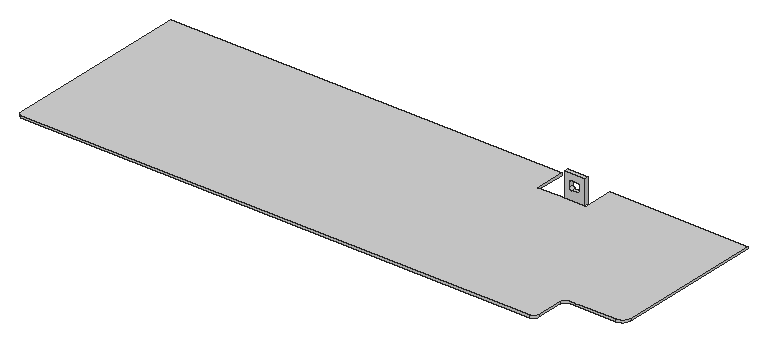
Revit family "NXPBAR", category Communication Devices, host Face, Revit 2014
Parameters
  Warranty = "5-Years Warranty"  # constant formula
  Type Comments = "Lighting Control Panel Relay Channel Barrier"  # constant formula
  Product Page URL = "https://www.hubbell.com/hubbellcontrolsolutions/en/Products/Lighting-Controls/Lighting-Controls-Sensors/NX-Distributed-Intelligence-Lighting-Controls/NX-Panel-Relay-Channel-Barrier/p/2644866"
  Product Documentation Link = "https://hubbellcdn.com/specsheet/NXPBAR_Spec%20Sheet.pdf"
  URL = "https://www.hubbell.com/hubbellcontrolsolutions/en"
  Model = "Lighting Control Panel Relay Channel Barrier"  # constant formula
  Manufacturer = "Hubbell Control Solutions"  # constant formula
  Material = Plastic - Hubbell - Gray
  Features = "Field installed\r\n• Code gauge steel construction\r\n• Installs between any two relays\r\n• Complies with emergency circuit requirements\r\n• Universal fit, left or right side of NX Lighting Control panel\r\n• Five year limited warranty"
  Description = "The Hubbell Control Solutions NX Relay Channel Barrier provides\r\na code gauge steel separation between any two relays in the NX\r\nlighting control panel. This facilitates the code required isolation\r\nof relays controlling emergency circuits from relays controlling\r\nnormal lighting circuits. The NXPBAR can be used to section\r\noff part of a high voltage relay channel in a NX panel for other\r\nrequirements as well. The optional barriers are ordered separately\r\nin pairs for field installation."  # constant formula
  Default Elevation = 48.0000"
  Create Date = "10/23/2018"
  Copyright = "Copyright © 2018 Hubbell Control Solutions"  # constant formula
  Contact Us = "https://www.hubbell.com/hubbellcontrolsolutions/en/contactUs?productId=2644866"
  Assembly Code = "D5090"
Reference planes (in)
  plane 1 "Center (Front/Back)": y = 13.01342
  plane 2: z = 0
  plane 3 "Center (Left/Right)": x = 0
  plane 4: z = 1
  plane 5: y = 12.01342
  plane 6: y = 14.01342
  plane 7: x = 3
  plane 8: x = -3
Forms (in)
  Extrusion 1, solid, material "Plastic - Hubbell - Gray" <- "Material"
    sketch origin (0, 0, 0) x (1, 0, 0) y (0, 1, 0)
      loop
        line (-3, 14.01342) -> (-3, 12.05497) -> (-2.95845, 12.01342) -> (2.32489, 12.01342)
        arc (2.32489, 12.01342) -> (2.36469, 12.0299) -> (2.38117, 12.0697) r 0.05628
        line (2.38117, 12.0697) -> (2.38117, 12.3403)
        arc (2.38117, 12.3403) -> (2.399, 12.38334) -> (2.44204, 12.40117) r 0.06087
        line (2.44204, 12.40117) -> (2.9131, 12.40117)
        arc (2.9131, 12.40117) -> (2.97455, 12.42662) -> (3, 12.48807) r 0.0869
        line (3, 12.48807) -> (3, 14.01342) -> (1.55755, 14.01342) -> (1.55755, 13.708) -> (1.05755, 13.708) -> (1.05755, 14.01342) -> (-3, 14.01342)
    from 0.02 to 0
  Extrusion 2, solid, material "Plastic - Hubbell - Gray" <- "Material"
    sketch origin (0.18518, 13.01342, 0) x (1, 0, 0) y (0, 0, 1)
      loop
        line (1.14839, 0.02) -> (1.35867, 0.02) -> (1.35867, 0.27) -> (1.14839, 0.27) -> (1.14839, 0.02)
      loop
        arc (1.22269, 0.21171) -> (1.20732, 0.20534) -> (1.20096, 0.18998) r 0.02173
        line (1.20096, 0.18998) -> (1.20096, 0.13917)
        arc (1.20096, 0.13917) -> (1.20729, 0.12388) -> (1.22258, 0.11755) r 0.02162
        line (1.22258, 0.11755) -> (1.28661, 0.11755)
        arc (1.28661, 0.11755) -> (1.30172, 0.12381) -> (1.30798, 0.13892) r 0.02137
        line (1.30798, 0.13892) -> (1.30798, 0.19165)
        arc (1.30798, 0.19165) -> (1.30211, 0.20583) -> (1.28792, 0.21171) r 0.02006
        line (1.28792, 0.21171) -> (1.22269, 0.21171)
    from -0.69457 to -0.73588
Cuts and joins
  joined: Extrusion 1, Extrusion 2
Dimensions and locks (in)
  aligned and locked: plane 2 to host face
  aligned and locked: level to host face
